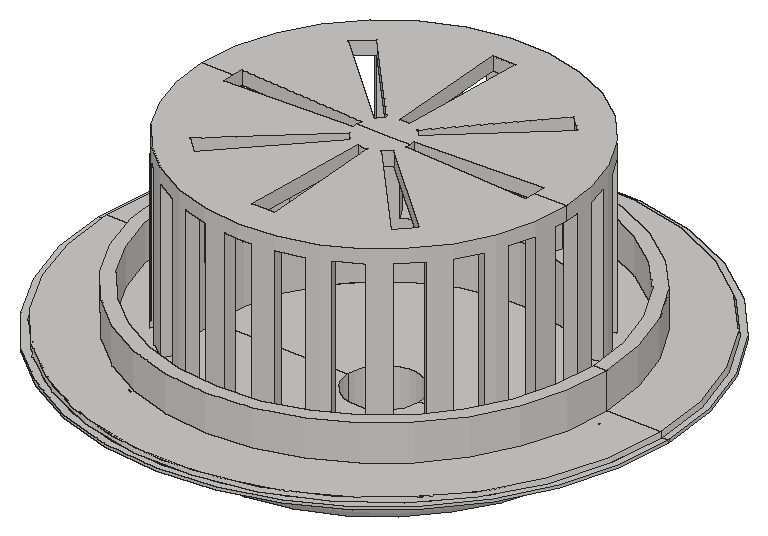
Revit family
Parameters (values of type "9680-2"")
  Width = 16"
  Waste Connection Radius = 1"
  Waste Connection Diameter = Waste Connection Radius * 2  # 2"
  Waste Connection = yes
  Vent Connection = no
  URL = "www.jrsmith.com"
  Price = "Prices may vary. Please consult Manufacturer Representative for most up-to-date price list."  # constant formula
  Phone Number = "416-250-5656"  # constant formula
  Omniclass Table 23 Title = "Waste Water Drains"  # constant formula
  Omniclass Table 23 Code = "23.70.50.21.24"  # constant formula
  Model = "9680-2\""
  Material = Metal-Jay R Smith-Stainless Steel
  Masterformat Title = "Sanitary Drains"  # constant formula
  Masterformat Number = "22 13 19.13"  # constant formula
  Manufacturer = "Jay R. Smith"
  Length = Width  # 16"
  Height = 8 5/8"
  HW Connection = no
  Description = "Large general purpose roof drain."
  Default Elevation = 0"
  Creation Date = "31/10/2014"  # constant formula
  Created By = "Allied Technical Services"  # constant formula
  CW Connection = no
  Assembly Code = "D2030300"
  ATS URL = "http://www.atsspec.net"
Types (6): name | Waste Connection Radius | Waste Connection Diameter | Model
  (no name) | 1" | 2" | "9680-2\""
  9680-2" | 1" | 2" | "9680-2\""
  9680-3" | 1 1/2" | 3" | "9680-3\""
  9680-4" | 2" | 4" | "9680-4\""
  9680-6" | 3" | 6" | "9680-6\""
  9680-8" | 4" | 8" | "9680-8\""
Reference planes (in)
  plane 1 "Center (Front/Back)": y = 0
  plane 2: z = 0
  plane 3 "Center (Left/Right)": x = 0
  plane 4: x = -8
  plane 5: x = 8
  plane 6: z = 8.625
  plane 7: z = 3.75
  plane 8: x = -1
  plane 9: x = 1
  plane 10: through (-4.03673, 4.03673, 48) normal (0.7071, 0.7071, 0)
  plane 11: through (-4.03673, -4.03673, 48) normal (-0.7071, 0.7071, 0)
Forms (in)
  Revolve 1, solid, material "Metal-Jay R Smith-Stainless Steel" <- "Material"
    sketch origin (0, 0, 0) x (1, 0, 0) y (0, 0, 1)
      loop
        line (-1, 0) -> (-1, 2.25) -> (-4.76368, 2.25) -> (-4.76368, 8.25) -> (0, 8.25) -> (0, 8.625) -> (-5.12442, 8.625) -> (-5.12442, 3.8657) -> (-5.89464, 3.8657) -> (-5.89464, 4.8768) -> (-6.24709, 4.8768) -> (-6.24709, 3.8657) -> (-7.78343, 3.8657) -> (-7.81382, 3.75) -> (-8, 3.75) -> (-8, 3.67147) -> (-7.86213, 3.67147) -> (-7.38544, 3.54624) -> (-6.30483, 3.54624)
        arc (-6.30483, 3.54624) -> (-6.01478, 3.4261) -> (-5.89464, 3.13604) r 0.4102
        line (-5.89464, 3.13604) -> (-5.89464, 2.70312)
        arc (-5.89464, 2.70312) -> (-5.70242, 2.23909) -> (-5.23839, 2.04687) r 0.65625
        line (-5.23839, 2.04687) -> (-1.17793, 2.04687) -> (-1.17793, 0) -> (-1, 0)
      axis (0, 8.625) -> (0, 0)
    angle from 0 to 360
  Extrusion 2, void
    sketch origin (153.12202, 120.16062, 0) x (1, 0, 0) y (0, 1, 0)
      loop
        line (-153.49702, -115.78544) -> (-152.74702, -115.78544) -> (-152.74702, -115.04994)
        arc (-152.74702, -115.04994) -> (-153.12202, -115.0362) -> (-153.49702, -115.04994) r 5.12442
        line (-153.49702, -115.04994) -> (-153.49702, -115.78544)
      loop
        line (-157.4972, -119.78562) -> (-158.2327, -119.78562)
        arc (-158.2327, -119.78562) -> (-158.24644, -120.16062) -> (-158.2327, -120.53562) r 5.12442
        line (-158.2327, -120.53562) -> (-157.4972, -120.53562) -> (-157.4972, -119.78562)
      loop
        line (-148.74685, -119.78562) -> (-148.74685, -120.53562) -> (-148.01134, -120.53562)
        arc (-148.01134, -120.53562) -> (-147.9976, -120.16062) -> (-148.01134, -119.78562) r 5.12442
        line (-148.01134, -119.78562) -> (-148.74685, -119.78562)
      loop
        line (-150.29347, -116.80174) -> (-149.76314, -117.33207) -> (-149.24306, -116.81199)
        arc (-149.24306, -116.81199) -> (-149.49851, -116.53711) -> (-149.77339, -116.28166) r 5.12442
        line (-149.77339, -116.28166) -> (-150.29347, -116.80174)
      loop
        line (-155.95057, -116.80174) -> (-156.47065, -116.28166)
        arc (-156.47065, -116.28166) -> (-156.74553, -116.53711) -> (-157.00098, -116.81199) r 5.12442
        line (-157.00098, -116.81199) -> (-156.4809, -117.33207) -> (-155.95057, -116.80174)
      loop
        line (-152.35186, -115.83747) -> (-151.62742, -116.03158) -> (-151.43706, -115.32114)
        arc (-151.43706, -115.32114) -> (-151.79572, -115.21081) -> (-152.1615, -115.12702) r 5.12442
        line (-152.1615, -115.12702) -> (-152.35186, -115.83747)
      loop
        line (-157.25106, -118.66602) -> (-157.9615, -118.47565)
        arc (-157.9615, -118.47565) -> (-158.07183, -118.83432) -> (-158.15562, -119.2001) r 5.12442
        line (-158.15562, -119.2001) -> (-157.44517, -119.39046) -> (-157.25106, -118.66602)
      loop
        line (-149.52051, -117.64827) -> (-149.14551, -118.29779) -> (-148.50854, -117.93004)
        arc (-148.50854, -117.93004) -> (-148.68414, -117.59841) -> (-148.88354, -117.28052) r 5.12442
        line (-148.88354, -117.28052) -> (-149.52051, -117.64827)
      loop
        line (-154.98485, -116.1841) -> (-155.3526, -115.54714)
        arc (-155.3526, -115.54714) -> (-155.68423, -115.72274) -> (-156.00212, -115.92214) r 5.12442
        line (-156.00212, -115.92214) -> (-155.63437, -116.5591) -> (-154.98485, -116.1841)
      loop
        line (-151.25919, -116.1841) -> (-150.60967, -116.5591) -> (-150.24192, -115.92214)
        arc (-150.24192, -115.92214) -> (-150.55981, -115.72274) -> (-150.89144, -115.54714) r 5.12442
        line (-150.89144, -115.54714) -> (-151.25919, -116.1841)
      loop
        line (-156.72353, -117.64827) -> (-157.3605, -117.28052)
        arc (-157.3605, -117.28052) -> (-157.5599, -117.59841) -> (-157.7355, -117.93004) r 5.12442
        line (-157.7355, -117.93004) -> (-157.09853, -118.29779) -> (-156.72353, -117.64827)
      loop
        line (-148.99298, -118.66602) -> (-148.79887, -119.39046) -> (-148.08842, -119.2001)
        arc (-148.08842, -119.2001) -> (-148.17221, -118.83432) -> (-148.28254, -118.47565) r 5.12442
        line (-148.28254, -118.47565) -> (-148.99298, -118.66602)
      loop
        line (-153.89218, -115.83747) -> (-154.08254, -115.12702)
        arc (-154.08254, -115.12702) -> (-154.44832, -115.21081) -> (-154.80698, -115.32114) r 5.12442
        line (-154.80698, -115.32114) -> (-154.61662, -116.03158) -> (-153.89218, -115.83747)
      loop
        line (-153.49702, -124.53579) -> (-153.49702, -125.2713)
        arc (-153.49702, -125.2713) -> (-153.12202, -125.28504) -> (-152.74702, -125.2713) r 5.12442
        line (-152.74702, -125.2713) -> (-152.74702, -124.53579) -> (-153.49702, -124.53579)
      loop
        line (-150.29347, -123.5195) -> (-149.77339, -124.03958)
        arc (-149.77339, -124.03958) -> (-149.49851, -123.78413) -> (-149.24306, -123.50925) r 5.12442
        line (-149.24306, -123.50925) -> (-149.76314, -122.98917) -> (-150.29347, -123.5195)
      loop
        line (-155.95057, -123.5195) -> (-156.4809, -122.98917) -> (-157.00098, -123.50925)
        arc (-157.00098, -123.50925) -> (-156.74553, -123.78413) -> (-156.47065, -124.03958) r 5.12442
        line (-156.47065, -124.03958) -> (-155.95057, -123.5195)
      loop
        line (-152.35186, -124.48377) -> (-152.1615, -125.19421)
        arc (-152.1615, -125.19421) -> (-151.79572, -125.11043) -> (-151.43706, -125.0001) r 5.12442
        line (-151.43706, -125.0001) -> (-151.62742, -124.28966) -> (-152.35186, -124.48377)
      loop
        line (-157.25106, -121.65522) -> (-157.44517, -120.93077) -> (-158.15562, -121.12114)
        arc (-158.15562, -121.12114) -> (-158.07183, -121.48692) -> (-157.9615, -121.84558) r 5.12442
        line (-157.9615, -121.84558) -> (-157.25106, -121.65522)
      loop
        line (-149.52051, -122.67297) -> (-148.88354, -123.04072)
        arc (-148.88354, -123.04072) -> (-148.68414, -122.72283) -> (-148.50854, -122.3912) r 5.12442
        line (-148.50854, -122.3912) -> (-149.14551, -122.02345) -> (-149.52051, -122.67297)
      loop
        line (-154.98485, -124.13713) -> (-155.63437, -123.76213) -> (-156.00212, -124.3991)
        arc (-156.00212, -124.3991) -> (-155.68423, -124.5985) -> (-155.3526, -124.7741) r 5.12442
        line (-155.3526, -124.7741) -> (-154.98485, -124.13713)
      loop
        line (-151.25919, -124.13713) -> (-150.89144, -124.7741)
        arc (-150.89144, -124.7741) -> (-150.55981, -124.5985) -> (-150.24192, -124.3991) r 5.12442
        line (-150.24192, -124.3991) -> (-150.60967, -123.76213) -> (-151.25919, -124.13713)
      loop
        line (-156.72353, -122.67297) -> (-157.09853, -122.02345) -> (-157.7355, -122.3912)
        arc (-157.7355, -122.3912) -> (-157.5599, -122.72283) -> (-157.3605, -123.04072) r 5.12442
        line (-157.3605, -123.04072) -> (-156.72353, -122.67297)
      loop
        line (-148.99298, -121.65522) -> (-148.28254, -121.84558)
        arc (-148.28254, -121.84558) -> (-148.17221, -121.48692) -> (-148.08842, -121.12114) r 5.12442
        line (-148.08842, -121.12114) -> (-148.79887, -120.93077) -> (-148.99298, -121.65522)
      loop
        line (-153.89218, -124.48377) -> (-154.61662, -124.28966) -> (-154.80698, -125.0001)
        arc (-154.80698, -125.0001) -> (-154.44832, -125.11043) -> (-154.08254, -125.19421) r 5.12442
        line (-154.08254, -125.19421) -> (-153.89218, -124.48377)
    from 3.8657 to 8.25
  Extrusion 3, void
    sketch origin (0, 0, 0) x (1, 0, 0) y (0, 1, 0)
      loop
        arc (0.32598, 4.23748) -> (0, 4.25) -> (-0.32598, 4.23748) r 4.25
        line (-0.32598, 4.23748) -> (-0.14249, 0.73634)
        arc (-0.14249, 0.73634) -> (0, 0.75) -> (0.14249, 0.73634) r 0.75
        line (0.14249, 0.73634) -> (0.32598, 4.23748)
      loop
        line (0.32598, -4.23748) -> (0.14249, -0.73634)
        arc (0.14249, -0.73634) -> (0, -0.75) -> (-0.14249, -0.73634) r 0.75
        line (-0.14249, -0.73634) -> (-0.32598, -4.23748)
        arc (-0.32598, -4.23748) -> (0, -4.25) -> (0.32598, -4.23748) r 4.25
      loop
        arc (4.23748, -0.32598) -> (4.25, 0) -> (4.23748, 0.32598) r 4.25
        line (4.23748, 0.32598) -> (0.73634, 0.14249)
        arc (0.73634, 0.14249) -> (0.75, 0) -> (0.73634, -0.14249) r 0.75
        line (0.73634, -0.14249) -> (4.23748, -0.32598)
      loop
        line (-4.23748, -0.32598) -> (-0.73634, -0.14249)
        arc (-0.73634, -0.14249) -> (-0.75, 0) -> (-0.73634, 0.14249) r 0.75
        line (-0.73634, 0.14249) -> (-4.23748, 0.32598)
        arc (-4.23748, 0.32598) -> (-4.25, 0) -> (-4.23748, -0.32598) r 4.25
      loop
        arc (3.22685, 2.76585) -> (3.0052, 3.0052) -> (2.76585, 3.22685) r 4.25
        line (2.76585, 3.22685) -> (0.41992, 0.62143)
        arc (0.41992, 0.62143) -> (0.53033, 0.53033) -> (0.62143, 0.41992) r 0.75
        line (0.62143, 0.41992) -> (3.22685, 2.76585)
      loop
        line (-2.76585, -3.22685) -> (-0.41992, -0.62143)
        arc (-0.41992, -0.62143) -> (-0.53033, -0.53033) -> (-0.62143, -0.41992) r 0.75
        line (-0.62143, -0.41992) -> (-3.22685, -2.76585)
        arc (-3.22685, -2.76585) -> (-3.0052, -3.0052) -> (-2.76585, -3.22685) r 4.25
      loop
        arc (2.76585, -3.22685) -> (3.0052, -3.0052) -> (3.22685, -2.76585) r 4.25
        line (3.22685, -2.76585) -> (0.62143, -0.41992)
        arc (0.62143, -0.41992) -> (0.53033, -0.53033) -> (0.41992, -0.62143) r 0.75
        line (0.41992, -0.62143) -> (2.76585, -3.22685)
      loop
        line (-3.22685, 2.76585) -> (-0.62143, 0.41992)
        arc (-0.62143, 0.41992) -> (-0.53033, 0.53033) -> (-0.41992, 0.62143) r 0.75
        line (-0.41992, 0.62143) -> (-2.76585, 3.22685)
        arc (-2.76585, 3.22685) -> (-3.0052, 3.0052) -> (-3.22685, 2.76585) r 4.25
    from 7.32755 to 8.8319
Cuts and joins
  Extrusion 2, Extrusion 3 cuts Revolve 1
Dimensions and locks (in)
  "Height": plane 6 to plane 2
  "Waste Connection Diameter": plane 9 to plane 8
  "Width": plane 5 to plane 4
  plane 7 to level = 3 3/4"
  equal spacing: plane 9, plane 3 "Center (Left/Right)", plane 8
  equal spacing: plane 5, plane 3 "Center (Left/Right)", plane 4
  plane 6 to plane 7 = 4 7/8"
  locked: plane 8 to Revolve 1 sketch curve at 0.17793
  aligned and locked: Revolve 1 sketch curve to plane 8
Automatic sketch dimensions
  Revolve 1 sketch curve to plane 4 = 0"
  Revolve 1 sketch curve to plane 7 = 0"
  Revolve 1 sketch curve to plane 6 = 0"
  Revolve 1 sketch curve to plane 3 "Center (Left/Right)" = 0"  (x2)
  Revolve 1 sketch curve to level = 0"
  Revolve 1 sketch curve to Revolve 1 sketch curve = 0.13787"
  Revolve 1 sketch curve to Revolve 1 sketch curve = 0.04831"
  Revolve 1 sketch curve to Revolve 1 sketch curve = 0.03039"
  Revolve 1 sketch curve to plane 7 = 0.20376"
  Revolve 1 sketch curve to Revolve 1 sketch curve = 0.42839"
  Revolve 1 sketch curve to Revolve 1 sketch curve = 1.0806"
  Revolve 1 sketch curve to Revolve 1 sketch curve = 0.05775"
  Revolve 1 sketch curve to Revolve 1 sketch curve = 0.4102"
  plane 7 to Revolve 1 sketch curve = 0.1157"  (x2)
  Revolve 1 sketch curve to Revolve 1 sketch curve = 0.35245"
  Revolve 1 sketch curve to Revolve 1 sketch curve = 21/32"
  plane 4 to Revolve 1 sketch curve = 2.87558"
  Revolve 1 sketch curve to Revolve 1 sketch curve = 0.4747"
  Revolve 1 sketch curve to level = 6"
  Revolve 1 sketch curve to Revolve 1 sketch curve = 3/4"
  Revolve 1 sketch curve to plane 7 = 1 45/64"
  Revolve 1 sketch curve to Revolve 1 sketch curve = 13/64"
  Revolve 1 sketch curve to plane 7 = 0.07853"
  Revolve 1 sketch curve to Revolve 1 sketch curve = 1.0111"
  Revolve 1 sketch curve to plane 6 = 3/8"
  Extrusion 2 sketch curve to Extrusion 2 sketch curve = 0"  (x552)
  Extrusion 2 sketch curve to plane 10 = 0"
  Extrusion 2 sketch curve to plane 11 = 0"
  Extrusion 2 sketch curve to Extrusion 2 sketch curve = 3/8"  (x6)
  Extrusion 2 sketch curve to Extrusion 2 sketch curve = 0.39516"  (x8)
  Extrusion 2 sketch curve to Extrusion 2 sketch curve = 0.58552"  (x4)
  Extrusion 2 sketch curve to Extrusion 2 sketch curve = 0.72444"  (x4)
  Extrusion 2 sketch curve to Extrusion 2 sketch curve = 0.19036"  (x4)
  plane 1 "Center (Front/Back)" to Extrusion 2 sketch curve = 4.83948"
  Extrusion 2 sketch curve to Extrusion 2 sketch curve = 0.36823"  (x6)
  Extrusion 2 sketch curve to Extrusion 2 sketch curve = 0.54562"  (x6)
  Extrusion 2 sketch curve to Extrusion 2 sketch curve = 0.64952"  (x4)
  Extrusion 2 sketch curve to Extrusion 2 sketch curve = 0.3162"  (x6)
  Extrusion 2 sketch curve to Extrusion 2 sketch curve = 0.36775"  (x4)
  Extrusion 2 sketch curve to Extrusion 2 sketch curve = 0.46853"  (x6)
  Extrusion 2 sketch curve to Extrusion 2 sketch curve = 0.53033"  (x4)
  Extrusion 2 sketch curve to Extrusion 2 sketch curve = 0.24263"  (x6)
  Extrusion 2 sketch curve to Extrusion 2 sketch curve = 0.52008"  (x4)
  Extrusion 2 sketch curve to Extrusion 2 sketch curve = 0.15252"  (x6)
  Extrusion 2 sketch curve to Extrusion 2 sketch curve = 0.35952"  (x5)
  Extrusion 2 sketch curve to Extrusion 2 sketch curve = 0.19411"  (x4)
  Extrusion 2 sketch curve to Extrusion 2 sketch curve = 0.05202"  (x4)
  Extrusion 2 sketch curve to Extrusion 2 sketch curve = 0.63697"  (x4)
  Extrusion 2 sketch curve to Extrusion 2 sketch curve = 0.226"  (x6)
  Extrusion 2 sketch curve to Extrusion 2 sketch curve = 0.71044"  (x4)
  Extrusion 2 sketch curve to Extrusion 2 sketch curve = 0.07709"  (x7)
  Extrusion 2 sketch curve to Extrusion 2 sketch curve = 3/4"  (x2)
  plane 1 "Center (Front/Back)" to Extrusion 2 sketch curve = 3.34863"
  Extrusion 3 sketch curve to Extrusion 3 sketch curve = 0"  (x244)
  plane 5 to Extrusion 3 sketch curve = 12.23748"
  Extrusion 3 sketch curve to Extrusion 3 sketch curve = 1.01063"  (x6)
  Extrusion 3 sketch curve to Extrusion 3 sketch curve = 0.461"  (x5)
  Extrusion 3 sketch curve to Extrusion 3 sketch curve = 3.50114"
  Extrusion 3 sketch curve to Extrusion 3 sketch curve = 0.11491"  (x6)
  Extrusion 3 sketch curve to Extrusion 3 sketch curve = 0.20151"  (x4)
  Extrusion 3 sketch curve to Extrusion 3 sketch curve = 2.43988"  (x8)
  Extrusion 3 sketch curve to Extrusion 3 sketch curve = 0.27743"  (x8)
  Extrusion 3 sketch curve to Extrusion 3 sketch curve = 0.73634"  (x2)
  Extrusion 3 sketch curve to Extrusion 3 sketch curve = 0.28498"  (x2)
  Extrusion 3 sketch curve to Extrusion 3 sketch curve = 0.65195"  (x2)
  plane 1 "Center (Front/Back)" to Extrusion 3 sketch curve = 4.23748"
Connectors (in)
  piping at (0, 0, 0), driven by "Waste Connection Radius"
    settings: on cut or joined group of Revolve 1, Extrusion 2, Extrusion 3, index 1
